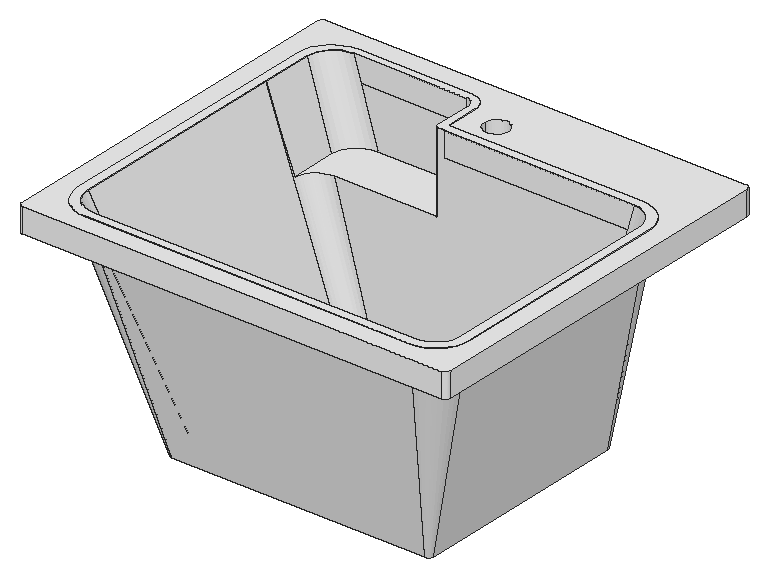
Revit family "EVA SBC-620", category Plumbing Fixtures, host Face, Revit 2017
Family settings
  Host = Face
  Round Connector Dimension = Use Diameter
  Part Type = Normal
  OmniClass Number = 23.45.05.14.14
  OmniClass Title = Sinks/Lavatories
  Cut with Voids When Loaded = Yes
  Shared = No
  Room Calculation Point = No
Parameters (values of type "KYRA SBC-017")
  Waste Size [instance] = 90 mm
  Vitreous China_White = Vitreous China_White
  URL = "www.seima.com.au"
  Steel = Steel
  Model = "EVA SBC-620"
  Manufacturer = "SEIMA"
  Default Elevation = 1219.2 mm
Reference planes
  plane 1 "Center (Front/Back)": y = 0
  plane 2: z = 0
  plane 3 "Center (Left/Right)": x = 0
  plane 4: x = -310
  plane 5: x = 310
  plane 6: y = 275
  plane 7: y = -275
  plane 8: y = 105
  plane 9: y = -235
  plane 10: y = 160
  plane 11: x = -270
  plane 12: x = 270
  plane 13: y = -35
  plane 14: y = 62
  plane 15: x = 26
  plane 16: x = -26
  plane 17: y = 203
  plane 18: x = 12
  plane 19: x = -12
  plane 20: z = 35
  plane 21: z = -300
  plane 22: z = -279
  plane 23: x = 198.298
  plane 24: x = -199
  plane 25: x = 199
  plane 26: x = -179
  plane 27: x = 179
  plane 28: x = 190
  plane 29: y = -155
  plane 30: y = 80
  plane 31: y = 10
  plane 32: z = -80
  plane 33: x = 234.886
  plane 34: x = 282.372
  plane 35: y = -203.552
  plane 36: y = -247.372
  plane 37: x = -250.703
  plane 38: x = -234.886
  plane 39: x = -282.372
  plane 40: x = -272.372
Forms (mm)
  Extrusion 1, solid, material "Vitreous China_White" <- "Vitreous China_White"
    sketch origin (0, 0, 50) x (1, 0, 0) y (0, 1, 0)
      loop
        arc (-302.5, 275) -> (-307.803, 272.803) -> (-310, 267.5) r 7.5
        line (-310, 267.5) -> (-310, -267.5)
        arc (-310, -267.5) -> (-307.803, -272.803) -> (-302.5, -275) r 7.5
        line (-302.5, -275) -> (302.5, -275)
        arc (302.5, -275) -> (307.803, -272.803) -> (310, -267.5) r 7.5
        line (310, -267.5) -> (310, 267.5)
        arc (310, 267.5) -> (307.803, 272.803) -> (302.5, 275) r 7.5
        line (302.5, 275) -> (-302.5, 275)
      loop
        line (232.628, 160) -> (-40, 160)
        arc (-40, 160) -> (-50.607, 164.393) -> (-55, 175) r 15
        line (-55, 175) -> (-55, 220)
        arc (-55, 220) -> (-59.393, 230.607) -> (-70, 235) r 15
        line (-70, 235) -> (-232.6, 235)
        arc (-232.6, 235) -> (-259.046, 224.046) -> (-270, 197.6) r 37.4
        line (-270, 197.6) -> (-270, -197.628)
        arc (-270, -197.628) -> (-259.054, -224.054) -> (-232.628, -235) r 37.372
        line (-232.628, -235) -> (232.628, -235)
        arc (232.628, -235) -> (259.054, -224.054) -> (270, -197.628) r 37.372
        line (270, -197.628) -> (270, 122.628)
        arc (270, 122.628) -> (259.054, 149.054) -> (232.628, 160) r 37.372
    from -50 to -15
  Blend 2, solid, material "Vitreous China_White" <- "Vitreous China_White"
    base sketch origin (0, 0, -250) x (1, 0, 0) y (0, 1, 0)
      loop
        line (-190, 205) -> (-190, -148)
        arc (-190, -148) -> (-187.95, -152.95) -> (-183, -155) r 7
        line (-183, -155) -> (183, -155)
        arc (183, -155) -> (187.95, -152.95) -> (190, -148) r 7
        line (190, -148) -> (190, 165.372)
        arc (190, 165.372) -> (187.95, 170.322) -> (183, 172.372) r 7
        line (183, 172.372) -> (-53, 172.372)
        arc (-53, 172.372) -> (-54.414, 172.958) -> (-55, 174.372) r 2
        line (-55, 174.372) -> (-55, 220)
        arc (-55, 220) -> (-59.393, 230.607) -> (-70, 235) r 15
        line (-70, 235) -> (-160, 235)
        arc (-160, 235) -> (-181.213, 226.213) -> (-190, 205) r 30
    top sketch origin (0, 0, -250) x (1, 0, 0) y (0, 1, 0)
      loop
        arc (-282.372, -199.986) -> (-268.493, -233.493) -> (-234.986, -247.372) r 47.386
        line (-234.986, -247.372) -> (234.977, -247.372)
        arc (234.977, -247.372) -> (268.49, -233.49) -> (282.372, -199.977) r 47.396
        line (282.372, -199.977) -> (282.372, 124.886)
        arc (282.372, 124.886) -> (268.464, 158.464) -> (234.886, 172.372) r 47.486
        line (234.886, 172.372) -> (-43, 172.372)
        arc (-43, 172.372) -> (-44.414, 172.958) -> (-45, 174.372) r 2
        line (-45, 174.372) -> (-45, 220)
        arc (-45, 220) -> (-52.322, 237.678) -> (-70, 245) r 25
        line (-70, 245) -> (-234.972, 245)
        arc (-234.972, 245) -> (-268.489, 231.117) -> (-282.372, 197.6) r 47.4
        line (-282.372, 197.6) -> (-282.372, -199.986)
    from -50 to 285
  Blend 3, void
    base sketch origin (0, 0, 0) x (1, 0, 0) y (0, 1, 0)
      loop
        line (145, 160) -> (-145, 160)
        arc (-145, 160) -> (-162.678, 152.678) -> (-170, 135) r 25
        line (-170, 135) -> (-170, -130)
        arc (-170, -130) -> (-165.607, -140.607) -> (-155, -145) r 15
        line (-155, -145) -> (155, -145)
        arc (155, -145) -> (165.607, -140.607) -> (170, -130) r 15
        line (170, -130) -> (170, 135)
        arc (170, 135) -> (162.678, 152.678) -> (145, 160) r 25
    top sketch origin (0, 0, 0) x (1, 0, 0) y (0, 1, 0)
      loop
        arc (-270, -197.628) -> (-259.054, -224.054) -> (-232.628, -235) r 37.372
        line (-232.628, -235) -> (232.628, -235)
        arc (232.628, -235) -> (259.054, -224.054) -> (270, -197.628) r 37.372
        line (270, -197.628) -> (270, 122.628)
        arc (270, 122.628) -> (259.054, 149.054) -> (232.628, 160) r 37.372
        line (232.628, 160) -> (-232.6, 160)
        arc (-232.6, 160) -> (-259.046, 149.046) -> (-270, 122.6) r 37.4
        line (-270, 122.6) -> (-270, -197.628)
    from -279 to 35
  Extrusion 4, void
    sketch origin (0, 0, 0) x (1, 0, 0) y (0, 1, 0)
      loop
        circle (0, -35) r 45
    from -352.362 to -279
  Revolve 5, solid, material "Steel" <- "Steel"
    sketch origin (0, 0, 0) x (0, 1, 0) y (0, 0, 1)
      loop
        line (10, -279) -> (25, -279)
        arc (25, -279) -> (17.576, -277.118) -> (10, -276) r 75.319
        line (10, -276) -> (10, -279)
      axis (-35, -276) -> (-35, -279)
    angle from 0 to 360
  Extrusion 6, void
    sketch origin (0, 0, 0) x (1, 0, 0) y (0, 1, 0)
      loop
        circle (0, 203) r 17.5
    from 0 to 250
  Blend 7, void
    base sketch origin (0, 0, 0) x (1, 0, 0) y (0, 1, 0)
      loop
        line (-235, 129.053) -> (-55, 160) -> (-55, 220)
        arc (-55, 220) -> (-59.393, 230.607) -> (-70, 235) r 15
        line (-70, 235) -> (-197.6, 235)
        arc (-197.6, 235) -> (-224.046, 224.046) -> (-235, 197.6) r 37.4
        line (-235, 197.6) -> (-235, 129.053)
    top sketch origin (0, 0, 0) x (1, 0, 0) y (0, 1, 0)
      loop
        line (-270, 123.036) -> (-55, 160) -> (-55, 220)
        arc (-55, 220) -> (-59.393, 230.607) -> (-70, 235) r 15
        line (-70, 235) -> (-232.6, 235)
        arc (-232.6, 235) -> (-259.046, 224.046) -> (-270, 197.6) r 37.4
        line (-270, 197.6) -> (-270, 123.036)
    from -80 to 35
  Extrusion 8, void
    sketch origin (0, 0, 0) x (1, 0, 0) y (0, 1, 0)
      loop
        line (-55, 160) -> (-50, 160)
        arc (-50, 160) -> (-53.536, 161.464) -> (-55, 165) r 5
        line (-55, 165) -> (-55, 160)
    from -80 to 35
  Extrusion 9, solid
    sketch origin (0, 0, 0) x (1, 0, 0) y (0, 1, 0)
      loop
        circle (0, -35) r 45
    from -352.493 to -300
  Revolve 10, solid, material "Steel" <- "Steel"
    sketch origin (0, -35, 0) x (1, 0, 0) y (0, 0, 1)
      loop
        line (-43.512, -276) -> (-43.512, -280.742) -> (-26, -303.176) -> (0, -303.176) -> (0, -302.188) -> (0, -276) -> (-6.547, -276) -> (-6.547, -277.35) -> (-1.547, -277.35) -> (-1.547, -287.35) -> (-6.547, -287.35) -> (-6.547, -288.814) -> (-1.547, -288.814) -> (-1.547, -301.072) -> (-6.547, -301.072) -> (-6.547, -302.188) -> (-25.52, -302.188) -> (-42.136, -280.564) -> (-42.136, -276) -> (-43.512, -276)
      axis (0, -303.176) -> (0, -276)
    angle from 0 to 360
Cuts and joins
  Blend 3, Extrusion 4, Blend 7, Extrusion 8 cuts Blend 2
  Extrusion 6 cuts Extrusion 1
Dimensions and locks
  equal spacing: plane 4, plane 3 "Center (Left/Right)", plane 5
  equal spacing: plane 7, plane 1 "Center (Front/Back)", plane 6
  plane 11 to plane 3 "Center (Left/Right)" = 270 mm
  plane 13 to plane 1 "Center (Front/Back)" = 35 mm
  locked: plane 6 to plane 17 at 72
  locked: plane 4 to plane 5 at 620
  locked: plane 6 to plane 7 at 550
  locked: plane 9 to plane 7 at 40
  locked: plane 4 to plane 11 at 40
  locked: plane 12 to plane 5 at 40
  locked: plane 6 to plane 10 at 115
  locked: plane 6 to plane 13 at 310
  plane 20 to level = 35 mm
  level to plane 21 = 300 mm
  locked: plane 22 to plane 21 at 21
  locked: plane 20 to level at 35
  locked: plane 20 to plane 21 at 335
  plane 5 to plane 4 = 620 mm
  equal spacing: plane 25, plane 3 "Center (Left/Right)", plane 24
  locked: plane 26 to plane 24 at 20
  plane 29 to plane 9 = 80 mm
  plane 28 to plane 12 = 80 mm
  plane 10 to plane 30 = 80 mm
  Blend 2 sketch curve to var sketch = 0 mm
  Blend 3 sketch curve to cut or joined group of Blend 2, Blend 3, Extrusion 4, Blend 7, Extrusion 8 = 12.372 mm
  plane 32 to plane 20 = 115 mm
  plane 34 to plane 33 = 47.486 mm
  plane 35 to plane 36 = 43.82 mm
  plane 37 to plane 38 = 15.818 mm
  plane 39 to plane 40 = 10 mm
  plane 4 to Blend 7 sketch curve = 75 mm
  aligned and locked: plane 2 to host face
  aligned and locked: level to host face
  aligned and locked: plane 4 to Extrusion 1 sketch curve
  aligned and locked: plane 10 to Extrusion 1 sketch curve
Automatic sketch dimensions
  host sketch curve to host sketch curve = 2438.4 mm  (x2)
  Extrusion 1 sketch curve to plane 7 = 0 mm
  Extrusion 1 sketch curve to plane 6 = 0 mm
  Extrusion 1 sketch curve to plane 11 = 0 mm
  Extrusion 1 sketch curve to plane 9 = 0 mm
  Extrusion 1 sketch curve to plane 12 = 0 mm
  Extrusion 1 sketch curve to plane 5 = 0 mm
  plane 4 to Extrusion 1 sketch curve = 7.5 mm
  Extrusion 1 sketch curve to Extrusion 1 sketch curve = 7.5 mm
  Extrusion 1 sketch curve to plane 38 = 2.258 mm
  Extrusion 1 sketch curve to plane 38 = 2.286 mm
  plane 17 to Extrusion 1 sketch curve = 17 mm
  Extrusion 1 sketch curve to plane 16 = 44 mm
  Extrusion 1 sketch curve to plane 16 = 29 mm
  Extrusion 1 sketch curve to plane 16 = 14 mm
  Extrusion 1 sketch curve to plane 33 = 2.258 mm  (x2)
  Extrusion 1 sketch curve to plane 5 = 7.5 mm  (x2)
  Blend 2 sketch curve to plane 29 = 0 mm
  Blend 2 sketch curve to plane 28 = 0 mm
  Blend 2 sketch curve to plane 27 = 4 mm  (x2)
  Blend 2 sketch curve to plane 16 = 27 mm
  Blend 2 sketch curve to Blend 2 sketch curve = 2 mm  (x2)
  Blend 2 sketch curve to Blend 2 sketch curve = 15 mm
  plane 17 to Blend 2 sketch curve = 2 mm
  plane 26 to Blend 2 sketch curve = 19 mm
  Blend 2 sketch curve to plane 26 = 4 mm
  plane 24 to Blend 2 sketch curve = 9 mm
  plane 10 to Blend 2 sketch curve = 5.372 mm
  Blend 2 sketch curve to plane 39 = 0 mm
  Blend 2 sketch curve to plane 36 = 0 mm
  Blend 2 sketch curve to plane 34 = 0 mm
  plane 38 to Blend 2 sketch curve = 0.1 mm
  plane 38 to Blend 2 sketch curve = 0.086 mm
  Blend 2 sketch curve to plane 16 = 44 mm
  Blend 2 sketch curve to plane 16 = 19 mm
  plane 33 to Blend 2 sketch curve = 0 mm
  plane 33 to Blend 2 sketch curve = 0.091 mm
  plane 8 to Blend 2 sketch curve = 19.886 mm
  Blend 2 sketch curve to plane 17 = 5.4 mm
  plane 26 to Blend 3 sketch curve = 9 mm
  Blend 3 sketch curve to Blend 3 sketch curve = 15 mm
  Blend 3 sketch curve to Blend 3 sketch curve = 25 mm
  plane 27 to Blend 3 sketch curve = 34 mm
  plane 27 to Blend 3 sketch curve = 24 mm
  plane 27 to Blend 3 sketch curve = 9 mm
  plane 29 to Blend 3 sketch curve = 25 mm
  Blend 3 sketch curve to plane 11 = 0 mm
  Blend 3 sketch curve to plane 9 = 0 mm
  Blend 3 sketch curve to plane 10 = 0 mm
  Blend 3 sketch curve to plane 12 = 0 mm
  Blend 3 sketch curve to plane 38 = 2.258 mm
  Blend 3 sketch curve to plane 38 = 2.286 mm
  Blend 3 sketch curve to plane 33 = 2.258 mm  (x2)
  Extrusion 4 sketch curve to plane 3 "Center (Left/Right)" = 0 mm
  Extrusion 4 sketch curve to plane 13 = 0 mm
  Revolve 5 sketch curve to plane 13 = 0 mm
  Revolve 5 sketch curve to plane 22 = 0 mm
  Revolve 5 sketch curve to plane 31 = 0 mm
  Revolve 5 sketch curve to plane 1 "Center (Front/Back)" = 2.805 mm
  Revolve 5 sketch curve to Revolve 5 sketch curve = 15 mm
  Revolve 5 sketch curve to plane 21 = 50.974 mm
  Revolve 5 sketch curve to plane 21 = 29 mm
  plane 22 to Revolve 5 sketch curve = 50 mm
  Extrusion 6 sketch curve to plane 3 "Center (Left/Right)" = 0 mm
  Extrusion 6 sketch curve to plane 17 = 0 mm
  Blend 7 sketch curve to plane 10 = 0 mm  (x2)
  plane 24 to Blend 7 sketch curve = 1.4 mm
  Blend 7 sketch curve to plane 16 = 44 mm  (x2)
  Blend 7 sketch curve to Blend 7 sketch curve = 15 mm
  plane 8 to Blend 7 sketch curve = 24.053 mm
  Blend 7 sketch curve to plane 17 = 5.4 mm  (x2)
  Blend 7 sketch curve to plane 11 = 0 mm
  Blend 7 sketch curve to plane 38 = 2.286 mm
  Blend 7 sketch curve to plane 16 = 29 mm
  plane 8 to Blend 7 sketch curve = 18.036 mm
  Extrusion 8 sketch curve to plane 10 = 0 mm
  plane 10 to Extrusion 8 sketch curve = 5 mm
  Extrusion 8 sketch curve to plane 16 = 29 mm
  Extrusion 9 sketch curve to plane 3 "Center (Left/Right)" = 0 mm
  Extrusion 9 sketch curve to plane 13 = 0 mm
  plane 16 to Revolve 10 sketch curve = 0 mm
  Revolve 10 sketch curve to plane 3 "Center (Left/Right)" = 0 mm  (x2)
  plane 22 to Revolve 10 sketch curve = 3 mm
  Revolve 10 sketch curve to plane 16 = 16.136 mm
  Revolve 10 sketch curve to Revolve 10 sketch curve = 1.375 mm
  plane 16 to Revolve 10 sketch curve = 0.48 mm
  Revolve 10 sketch curve to plane 19 = 5.453 mm  (x2)
  plane 22 to Revolve 10 sketch curve = 1.65 mm
  Revolve 10 sketch curve to plane 3 "Center (Left/Right)" = 1.547 mm
  Revolve 10 sketch curve to plane 22 = 1.564 mm
  Revolve 10 sketch curve to Revolve 10 sketch curve = 0.178 mm
  Revolve 10 sketch curve to plane 22 = 8.35 mm
  Revolve 10 sketch curve to Revolve 10 sketch curve = 1.464 mm
  Revolve 10 sketch curve to Revolve 10 sketch curve = 0.988 mm  (x2)
  Revolve 10 sketch curve to Revolve 10 sketch curve = 1.35 mm
  Revolve 10 sketch curve to plane 21 = 1.072 mm
  Revolve 10 sketch curve to Revolve 10 sketch curve = 5 mm
  Revolve 10 sketch curve to plane 22 = 3.246 mm
  Revolve 10 sketch curve to Revolve 10 sketch curve = 1.754 mm
  Revolve 10 sketch curve to Revolve 10 sketch curve = 1.115 mm
  Revolve 10 sketch curve to Revolve 10 sketch curve = 0 mm
  radius of Extrusion 4 sketch curve = 45 mm
  radius of Extrusion 6 sketch curve = 17.5 mm
  radius of Extrusion 9 sketch curve = 45 mm
Connectors
  piping at (0, -35, -352.493), diameter 90, driven by "Waste Size"
    settings: on Extrusion 9, index 1, connector inside diameter 609.6 mm, connector length 0 mm, flow factor 0, pipe flow 0.0 L/s, pressure drop 0.0 Pa, fitting loss kfactor 0, connector angle 0.00°, fixture units 0, engagement length 0 mm, angle of deflection 0.00°, flow configuration 0, flow direction 2, fitting loss method 0, system type 16, joint type 0, gender type 0, connector reference index -1, connector utility 0, adjustable connector no, is connector primary yes, connector description ""
